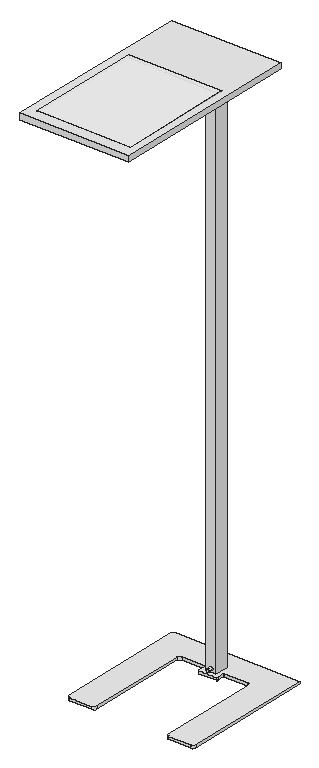
Revit family "0060799 Sylvania Lighting Fixture FREEOFFICE DIRECT INDIRECT 14KLM PIR BLACK EC", category Lighting Fixtures, host Face, Revit 2016
Family settings
  Host = Face
  Part Type = Normal
  Round Connector Dimension = Use Diameter
  OmniClass Number = 23.80.70.11.17
  OmniClass Title = Specialized Lighting by Location or Use
  Cut with Voids When Loaded = No
  Light Source = Yes
  Shared = No
  Room Calculation Point = No
Parameters (values of type "0060799 FREEOFFICE D/I 14 PIR BLACK EC")
  Weight = "22.8 kg"
  Wattage = 107 W
  WarrantyStartDate [instance] = "n/a"
  WarrantyGuarantorParts = "n/a"
  WarrantyDurationUnit = "n/a"
  WarrantyDurationParts = "n/a"
  WarrantyDescription = "n/a"
  built-in parameter 1150110 = 1 (stored number, unit not read)
  Voltage = 230 V
  TypeName = "FREEOFFICE DIRECT/INDIRECT 14KLM PIR BLACK EC"
  built-in parameter 1114217 = 1 (stored number, unit not read)
  Tilt Angle = -90°
  built-in parameter 1150109 = 1 (stored number, unit not read)
  built-in parameter 1150134 = 12
  built-in parameter 1150113 = 1 (stored number, unit not read)
  SerialNumber [instance] = "n/a"
  Radius_FEILO = 165.0 mm
  URL = "http://www.sylvania-lighting.com"
  PowerFactor = 0.98
  PowerConsumption = "107 W"
  Photometric Web File = "0060799.ies"
  PIR_SYL = yes
  NominalWidth = 0.0 mm
  NominalLength = 690.0 mm
  NominalHeight = 2030.0 mm
  Name = "FREEOFFICE DIRECT/INDIRECT 14KLM PIR BLACK EC"
  ModelReference = "FREEOFFICE DIRECT/INDIRECT 14KLM PIR BLACK EC"
  ModelNumber = "0060799"
  Material_3_SYL = Body-Sylvania-FreeOffice-BLK
  Material_2_SYL = Polycarbonate_Sylvania_Sylcircle_Opal
  Material_1_SYL = Body-Sylvania-FreeOffice-BLK
  Material = "head and pole : powder coated aluminium. stand: powder coated steel housing, pmma diffuser"
  ManufacturerName = "Feilo Sylvania"
  LuminousEfficacy = "132 lm/W"
  built-in parameter 1150105 = 4275.8 (stored number, unit not read)
  Lumens = 14124 lm
  LuminaireType = ""
  built-in parameter 1150115 = 1 (stored number, unit not read)
  LightOutputRatio = "n/a"
  built-in parameter 1150137 = (empty or 0)
  built-in parameter 1150139 = (empty or 0)
  LampsType = Lamp  # "LED"
  LampNominalLuminous = "14100 lm"
  LampMacAdamStep = "3"
  LampColourTemperature = "4000 K"
  LampColourRenderingIndex = "80"
  built-in parameter 1150112 = 1 (stored number, unit not read)
  built-in parameter 1150114 = 1 (stored number, unit not read)
  Keynote = "16500"
  InstallationDate [instance] = "n/a"
  InputVoltage = "220-240V~"
  InputNominalFrequency = "50/60 Hz"
  built-in parameter 1150132 = (empty or 0)
  built-in parameter 1150102 = (empty or 0)
  built-in parameter 1150107 = 4000 (stored number, unit not read)
  built-in parameter 1150138 = (empty or 0)
  IngressProtection = "IP20"
  ImpactProtectionIndex = "IK02"
  built-in parameter 1150106 = 42.758 (stored number, unit not read)
  IfcExportType = "IfcLightFixtureType"
  IfcExportAs = "IfcLightFixtureType"
  Height_FEILO = 96.0 mm
  ExpectedLife = 50000
  Emit from Rectangle Width = 340.1 mm
  Emit from Rectangle Length = 564.6 mm
  Emit Shape Visible in Rendering = no
  ElectricShockClassification = "Class I"
  built-in parameter 1150104 = 12.263 (stored number, unit not read)
  DurationUnit = "hours"
  DocumentationLiterature = "http://www.sylvania-lighting.com/product/en-int/products/0060799"
  DimmingControlOptions = "Dimmable"
  Dimming Lamp Color Temperature Shift = <None>
  Diameter_FEILO = 2 * Radius_FEILO  # 330.0 mm
  CreatedOn = "12/5/2018"
  CreatedBy = "@sylvania-lighting.com"
  Color Filter = 16777215
  built-in parameter 1114216 [instance] = 1 (stored number, unit not read)
  Model = "FREEOFFICE DIRECT/INDIRECT 14KLM PIR BLACK EC"
  Manufacturer = "Feilo Sylvania"
  Lamp = "LED"
  Description = "FREEOFFICE DIRECT/INDIRECT 14KLM PIR BLACK EC is a highly efficient free-standing floor lamp providing optimal illumination for single and twin workstations. 80% uplight and 20% downlight ratio for ambient and task lighting from a single luminaire. Microprismatic PMMA optics for advanced glare control. Black RAL9005 powder coated luminaire body. Aluminium head and pole for high-quality appearance, steel stand for higher stability. Luminaire dimensions: Head: 690x397x25mm, Stand: 480x460x16mm, Pole: 55x35x2030mm. Operated and dimmed with a push button located in the pole at a height suitable to be used with adjustable height desks. Equipped with presence and daylight sensor. Up and downlight dims together. 4000K Neutral White LED, CRI>80, chromaticity tolerance: SDCM<3. Luminous flux: 14100lm. Power consumption 107W. Luminaire efficacy: 132lm/W. Lumen maintenance: L80B50=55000h. UGR<16, Luminance at 65°<3000 cd/m2. IK02, IP20. Photobiological safety risk group 0. Electrical protection: Class I. Glow wire test: 650°C. Supplied with 3m cable with DIN 49441-R2 plug."
  Default Elevation = 0.0 mm
  built-in parameter 1140040 [instance] = 1
  BarCode [instance] = "n/a"
  built-in parameter 1114218 = 1 (stored number, unit not read)
  built-in parameter 1150133 = 10 (stored number, unit not read)
  AssetType = "Fixed"
  AssetIdentifier [instance] = "n/a"
  Assembly Code = "D5020200"
  Apparent Load = 107 VA
Reference planes
  plane 1 "Center (Front/Back)": y = 0
  plane 2: z = 0
  plane 3 "Center (Left/Right)": x = 0
  plane 4: z = 2030
  plane 5: x = 230
  plane 6: x = -230
  plane 7: x = 18
  plane 8: x = -18
  plane 9: x = -198.5
  plane 10: x = 198.5
  plane 11: y = 25
  plane 12: y = -25
  plane 13: y = -390.174
  plane 14: y = 89.826
  plane 15: y = -645
  plane 16: y = 44
  plane 17: z = 9
  plane 18: z = 2010
  plane 19: y = -187.327
  plane 20: y = -603.8
  plane 21: x = -170.03
  plane 22: x = 170.03
  plane 23: y = -39.174
  plane 24: z = 2020
  plane 25: x = 130
  plane 26: x = -130
  plane 27: y = -10.174
  plane 28: x = 34
  plane 29: x = -34
  plane 30: y = -39.174
  plane 31: y = -321.487
  plane 32: z = 21
  plane 33: y = -624.4
  plane 34: z = 2009
Forms (mm)
  Extrusion 1, solid, material "Body-Sylvania-FreeOffice-BLK" <- "Material_1_SYL"
    sketch origin (-1380.213, -4572, 2010) x (-1, 0, 0) y (0, -1, 0)
      loop
        line (-1181.713, -3927) -> (-1578.713, -3927) -> (-1578.713, -4616) -> (-1181.713, -4616) -> (-1181.713, -3927)
    from 0 to 20
  Extrusion 2, void
    sketch origin (-1380.213, -4572, 2030) x (0, -1, 0) y (-1, 0, 0)
      loop
        line (-4384.673, -1210.183) -> (-4384.673, -1550.243) -> (-3968.2, -1550.243) -> (-3968.2, -1210.183) -> (-4384.673, -1210.183)
    from 0 to 20
  Extrusion 3, void
    sketch origin (-1380.213, -4572, 2010) x (0, -1, 0) y (-1, 0, 0)
      loop
        line (-3968.2, -1210.183) -> (-4532.826, -1210.183) -> (-4532.826, -1550.243) -> (-3968.2, -1550.243) -> (-3968.2, -1210.183)
    from 0 to -10
  Extrusion 4, solid, material "Body-Sylvania-FreeOffice-BLK" <- "Material_1_SYL"
    sketch origin (0, 0, 0) x (1, 0, 0) y (0, 1, 0)
      loop
        line (-230, 79.826) -> (-230, -380.174)
        arc (-230, -380.174) -> (-227.071, -387.245) -> (-220, -390.174) r 10
        line (-220, -390.174) -> (-140, -390.174)
        arc (-140, -390.174) -> (-132.929, -387.245) -> (-130, -380.174) r 10
        line (-130, -380.174) -> (-130, -20.174)
        arc (-130, -20.174) -> (-127.071, -13.103) -> (-120, -10.174) r 10
        line (-120, -10.174) -> (-36, -10.174)
        arc (-36, -10.174) -> (-34.586, -10.76) -> (-34, -12.174) r 2
        line (-34, -12.174) -> (-34, -37.174)
        arc (-34, -37.174) -> (-33.414, -38.588) -> (-32, -39.174) r 2
        line (-32, -39.174) -> (32, -39.174)
        arc (32, -39.174) -> (33.414, -38.588) -> (34, -37.174) r 2
        line (34, -37.174) -> (34, -12.174)
        arc (34, -12.174) -> (34.586, -10.76) -> (36, -10.174) r 2
        line (36, -10.174) -> (120, -10.174)
        arc (120, -10.174) -> (127.071, -13.103) -> (130, -20.174) r 10
        line (130, -20.174) -> (130, -380.174)
        arc (130, -380.174) -> (132.929, -387.245) -> (140, -390.174) r 10
        line (140, -390.174) -> (220, -390.174)
        arc (220, -390.174) -> (227.071, -387.245) -> (230, -380.174) r 10
        line (230, -380.174) -> (230, 89.826) -> (-220, 89.826)
        arc (-220, 89.826) -> (-227.071, 86.897) -> (-230, 79.826) r 10
    from 0 to 9
  Extrusion 5, solid, material "Body-Sylvania-FreeOffice-BLK" <- "Material_1_SYL"
    sketch origin (645.563, -4597, 9) x (0, -1, 0) y (-1, 0, 0)
      loop
        line (-4622, 663.563) -> (-4622, 627.563) -> (-4572, 627.563) -> (-4572, 663.563) -> (-4622, 663.563)
    from 0 to -2001
  Extrusion 6, solid, material "Body-Sylvania-FreeOffice-BLK" <- "Material_1_SYL"
    sketch origin (747.1, -25, 1219.2) x (1, 0, 0) y (0, 0, 1)
      loop
        circle (-747.1, -1198.2) r 5
    from 0 to 14.174
  Extrusion 7, solid, material "Polycarbonate_Sylvania_Sylcircle_Opal" <- "Material_2_SYL"
    sketch origin (-1380.213, -4572, 2030) x (-1, 0, 0) y (0, -1, 0)
      loop
        line (-1550.243, -3968.2) -> (-1550.243, -4384.673) -> (-1210.183, -4384.673) -> (-1210.183, -3968.2) -> (-1550.243, -3968.2)
    from 0 to -10
  Extrusion 8, solid, material "Polycarbonate_Sylvania_Sylcircle_Opal" <- "Material_2_SYL"
    sketch origin (-1380.213, -4572, 2010) x (-1, 0, 0) y (0, -1, 0)
      loop
        line (-1210.183, -4532.826) -> (-1210.183, -3968.2) -> (-1550.243, -3968.2) -> (-1550.243, -4532.826) -> (-1210.183, -4532.826)
    from 0 to 10
  Revolve 9, solid, material "Body-Sylvania-FreeOffice-BLK" <- "Material_3_SYL", visible <- "PIR_SYL"
    sketch origin (747.1, -624.4, 1219.2) x (1, 0, 0) y (0, 0, 1)
      loop
        line (-757.1, 789.8) -> (-754.426, 789.8)
        arc (-754.426, 789.8) -> (-751.007, 787.781) -> (-747.1, 787.079) r 11.221
        line (-747.1, 787.079) -> (-747.1, 790.8) -> (-757.1, 790.8) -> (-757.1, 789.8)
      axis (-747.1, 790.8) -> (-747.1, 787.079)
    angle from 0 to 360
Cuts and joins
  Extrusion 2, Extrusion 3 cuts Extrusion 1
Lines and regions (mm)
  reference lines
    curve 1: circle (0, 0, 21) r 5 normal (0, -1, 0)
    curve 2: circle (0, -624.4, 2010) r 10 normal (0, 0, 1)
Dimensions and locks
  equal spacing: plane 12, plane 1 "Center (Front/Back)", plane 11
  locked: plane 12 to plane 11 at 50
  equal spacing: plane 8, plane 3 "Center (Left/Right)", plane 7
  plane 8 to plane 7 = 36.0 mm
  equal spacing: plane 9, plane 3 "Center (Left/Right)", plane 10
  plane 9 to plane 10 = 397.0 mm
  equal spacing: plane 6, plane 3 "Center (Left/Right)", plane 5
  locked: plane 6 to plane 5 at 460
  locked: plane 4 to plane 2 at 2030
  locked: plane 13 to plane 1 "Center (Front/Back)" at 390.174
  locked: plane 13 to plane 14 at 480
  locked: plane 15 to plane 1 "Center (Front/Back)" at 645
  locked: plane 15 to plane 16 at 689
  locked: plane 17 to plane 2 at 9
  locked: plane 4 to plane 18 at 20
  locked: plane 19 to plane 1 "Center (Front/Back)" at 187.327
  locked: plane 20 to plane 19 at 416.473
  equal spacing: plane 21, plane 3 "Center (Left/Right)", plane 22
  plane 21 to plane 22 = 340.059 mm
  locked: plane 20 to plane 23 at 564.626
  equal spacing: plane 4, plane 24, plane 18
  equal spacing: plane 26, plane 3 "Center (Left/Right)", plane 25
  locked: plane 26 to plane 25 at 260
  locked: plane 27 to plane 14 at 100
  equal spacing: plane 29, plane 3 "Center (Left/Right)", plane 28
  locked: plane 29 to plane 28 at 68
  locked: plane 30 to plane 27 at 29
  equal spacing: plane 20, plane 31, plane 23
  locked: plane 32 to host face at 21
  equal spacing: plane 15, plane 33, plane 20
  locked: Revolve 9 sketch curve to plane 18 at 7.5
  locked: plane 18 to plane 34 at 1
  radius of curve 2 = 10.0 mm
  aligned and locked: plane 2 to host face
  aligned and locked: level to host face
  aligned and locked: plane 15 to Extrusion 1 sketch curve
  aligned and locked: Extrusion 1 sketch curve to plane 9
  aligned and locked: Extrusion 1 sketch curve to plane 16
  aligned and locked: plane 10 to Extrusion 1 sketch curve
  aligned and locked: plane 4 to Extrusion 1
  aligned and locked: Extrusion 1 to plane 18
  aligned and locked: Extrusion 2 sketch curve to plane 19
  aligned and locked: plane 20 to Extrusion 2 sketch curve
  aligned and locked: Extrusion 2 to plane 18
  aligned and locked: plane 4 to Extrusion 2
  aligned and locked: plane 21 to Extrusion 2 sketch curve
  aligned and locked: plane 22 to Extrusion 2 sketch curve
  aligned and locked: Extrusion 3 sketch curve to cut or joined group of Extrusion 1, Extrusion 2, Extrusion 3  (x2)
  aligned and locked: plane 23 to Extrusion 3 sketch curve
  aligned and locked: plane 22 to Extrusion 3 sketch curve
  aligned and locked: Extrusion 3 to plane 18
  aligned and locked: plane 24 to Extrusion 3
  aligned and locked: Extrusion 4 sketch curve to plane 14
  aligned and locked: Extrusion 4 sketch curve to plane 6
  aligned and locked: plane 13 to Extrusion 4 sketch curve  (x2)
  aligned and locked: Extrusion 4 sketch curve to plane 26
  aligned and locked: Extrusion 4 sketch curve to plane 25
  aligned and locked: plane 5 to Extrusion 4 sketch curve
  aligned and locked: plane 29 to Extrusion 4 sketch curve
  aligned and locked: plane 30 to Extrusion 4 sketch curve
  aligned and locked: Extrusion 4 sketch curve to plane 28
  aligned and locked: Extrusion 4 sketch curve to plane 27
  aligned and locked: Extrusion 4 to plane 17
  aligned and locked: Extrusion 4 to level
  aligned and locked: Extrusion 5 sketch curve to plane 8
  aligned and locked: plane 7 to Extrusion 5 sketch curve
  aligned and locked: plane 18 to Extrusion 5
  aligned and locked: plane 11 to Extrusion 5 sketch curve
  aligned and locked: Extrusion 5 sketch curve to plane 12
  aligned and locked: plane 24 to imposter light
  aligned and locked: imposter light to plane 3 "Center (Left/Right)"
  aligned and locked: imposter light to plane 31
  aligned and locked: Extrusion 6 sketch curve to curve 1
  aligned and locked: Extrusion 6 to plane 12
  aligned and locked: Extrusion 6 to cut or joined group of Extrusion 1, Extrusion 2, Extrusion 3
  aligned and locked: Extrusion 7 sketch curve to cut or joined group of Extrusion 1, Extrusion 2, Extrusion 3  (x4)
  aligned and locked: Extrusion 7 to plane 4
  aligned and locked: Extrusion 7 to cut or joined group of Extrusion 1, Extrusion 2, Extrusion 3
  aligned and locked: Extrusion 8 sketch curve to cut or joined group of Extrusion 1, Extrusion 2, Extrusion 3  (x4)
  aligned and locked: Extrusion 8 to cut or joined group of Extrusion 1, Extrusion 2, Extrusion 3
  aligned and locked: Extrusion 8 to plane 18
  aligned and locked: plane 3 "Center (Left/Right)" to curve 2
  aligned and locked: plane 33 to curve 2
  aligned and locked: plane 3 "Center (Left/Right)" to Revolve 9 sketch curve  (x2)
  aligned and locked: Revolve 9 sketch curve to plane 3 "Center (Left/Right)"
  aligned and locked: Revolve 9 sketch curve to plane 34
Automatic sketch dimensions
  host sketch curve to host sketch curve = 1305.563 mm
  host sketch curve to host sketch curve = 1283.632 mm
  plane 27 to Extrusion 4 sketch curve = 0.0 mm
  plane 6 to Extrusion 4 sketch curve = 10.0 mm  (x2)
  Extrusion 4 sketch curve to plane 13 = 10.0 mm
  Extrusion 4 sketch curve to plane 26 = 10.0 mm
  Extrusion 4 sketch curve to Extrusion 4 sketch curve = 2.0 mm
  plane 29 to Extrusion 4 sketch curve = 2.0 mm
  Extrusion 4 sketch curve to plane 28 = 2.0 mm
  plane 28 to Extrusion 4 sketch curve = 2.0 mm
  Extrusion 4 sketch curve to plane 25 = 10.0 mm
  Extrusion 4 sketch curve to Extrusion 4 sketch curve = 10.0 mm
  Extrusion 4 sketch curve to plane 5 = 10.0 mm
  curve 1 to plane 3 "Center (Left/Right)" = 0.0 mm
  curve 1 to plane 32 = 0.0 mm
  Revolve 9 sketch curve to plane 18 = 0.0 mm
  Revolve 9 sketch curve to plane 3 "Center (Left/Right)" = 7.326 mm
  Revolve 9 sketch curve to Revolve 9 sketch curve = 2.674 mm
  Revolve 9 sketch curve to level = 94.652 mm
  plane 4 to Revolve 9 sketch curve = 432.257 mm
  radius of curve 1 = 5.0 mm
Connectors
  electrical at (0, -39.174, 21), driven by "PowerFactor", driven by "Voltage", driven by "Apparent Load", driven by "Apparent Load"
    settings: on Extrusion 6, index 1, voltage 230 V, apparent load 107 VA, apparent load phase1 107 VA, apparent load phase2 0 VA, apparent load phase3 0 VA, power factor 0.98, load classification "Other", number of poles 1, system type 30, power factor state 1, is connector primary yes, connector utility no, sub classification motor no, connector description ""
